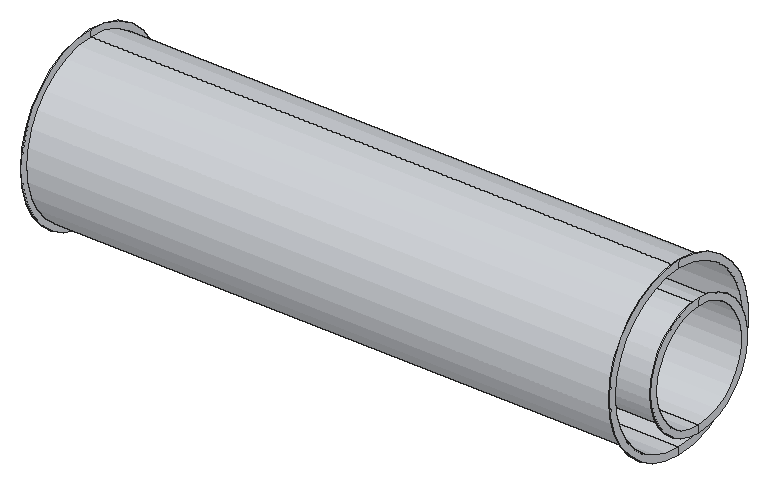
Revit family
Parameters (values of type "DW0845DWLTTP-2")
  WALLTHICK = 9/256"  # constant formula
  OFFSET2 = 2"
  OFFSET = 1 1/2"  # constant formula
  Model = "DW0845DWLTTP-2"
  Manufacturer = "CaptiveAire"
  FLANGETHICK = 1/16"
  FLANGERAD = DUCTINSIDERAD + 1/2"  # 4 1/2"
  FLANGEDIA = FLANGERAD * 2  # 9"
  Description = "8\" x 45\" Double-Straight-Transition"
  DWFLANGERAD = DWDUCTINSIDERAD + 1/2"  # 6 1/2"
  DWDUCTRAD = DWDUCTINSIDERAD + WALLTHICK  # 6 9/256"
  DWDUCTINSIDERAD = DUCTINSIDERAD + OFFSET2  # 6"
  DUCTRAD = (DUCTDIA / 2)  # 4 9/256"
  DUCTINSIDERAD = 4"
  DUCTLENGTH/2 = DUCTLENGTH / 2  # 22 3/4"
  DUCTLENGTH = 45 1/2"
  DUCTDIA = (DUCTINSIDERAD + WALLTHICK) * 2  # 8 9/128"
Types (14): name | OFFSET2 | Model | FLANGERAD | FLANGEDIA | Description | DWFLANGERAD | DWDUCTRAD | DWDUCTINSIDERAD | DUCTRAD | DUCTINSIDERAD | DUCTDIA
  (no name) | 2" | "DW0845DWLTTP-2" | 4 1/2" | 9" | "8\" x 45\" Double-Straight-Transition" | 6 1/2" | 6 9/256" | 6" | 4 9/256" | 4" | 8 9/128"
  DW0845DWLTTP-3 | 3" | "DW0845DWLTTP-3" | 4 1/2" | 9" | "8\" x 45\" Double-Straight-Transition" | 7 1/2" | 7 9/256" | 7" | 4 9/256" | 4" | 8 9/128"
  DW0845DWLTTP-2 | 2" | "DW0845DWLTTP-2" | 4 1/2" | 9" | "8\" x 45\" Double-Straight-Transition" | 6 1/2" | 6 9/256" | 6" | 4 9/256" | 4" | 8 9/128"
  DW1045DWLTTP-3 | 3" | "DW1045DWLTTP-3" | 5 1/2" | 11" | "10\" x 45\" Double-Straight-Transition" | 8 1/2" | 8 9/256" | 8" | 5 9/256" | 5" | 10 9/128"
  DW1045DWLTTP-2 | 2" | "DW1045DWLTTP-2" | 5 1/2" | 11" | "10\" x 45\" Double-Straight-Transition" | 7 1/2" | 7 9/256" | 7" | 5 9/256" | 5" | 10 9/128"
  DW1245DWLTTP-3 | 3" | "DW1245DWLTTP-3" | 6 1/2" | 13" | "12\" x 45\" Double-Straight-Transition" | 9 1/2" | 9 9/256" | 9" | 6 9/256" | 6" | 12 9/128"
  DW1245DWLTTP-2 | 2" | "DW1245DWLTTP-2" | 6 1/2" | 13" | "12\" x 45\" Double-Straight-Transition" | 8 1/2" | 8 9/256" | 8" | 6 9/256" | 6" | 12 9/128"
  DW1445DWLTTP-3 | 3" | "DW1445DWLTTP-3" | 7 1/2" | 15" | "14\" x 45\" Double-Straight-Transition" | 10 1/2" | 10 9/256" | 10" | 7 9/256" | 7" | 14 9/128"
  DW1445DWLTTP-2 | 2" | "DW1445DWLTTP-2" | 7 1/2" | 15" | "14\" x 45\" Double-Straight-Transition" | 9 1/2" | 9 9/256" | 9" | 7 9/256" | 7" | 14 9/128"
  DW1645DWLTTP-2 | 2" | "DW1645DWLTTP-2" | 8 1/2" | 17" | "16\" x 45\" Double-Straight-Transition" | 10 1/2" | 10 9/256" | 10" | 8 9/256" | 8" | 16 9/128"
  DW1645DWLTTP-3 | 3" | "DW1645DWLTTP-3" | 8 1/2" | 17" | "16\" x 45\" Double-Straight-Transition" | 11 1/2" | 11 9/256" | 11" | 8 9/256" | 8" | 16 9/128"
  DW1845DWLTTP-3 | 3" | "DW1845DWLTTP-3" | 9 1/2" | 19" | "18\" x 45\" Double-Straight-Transition" | 12 1/2" | 12 9/256" | 12" | 9 9/256" | 9" | 18 9/128"
  DW2045DWLTTP-3 | 3" | "DW2045DWLTTP-3" | 10 1/2" | 21" | "20\" x 45\" Double-Straight-Transition" | 13 1/2" | 13 9/256" | 13" | 10 9/256" | 10" | 20 9/128"
  DW2445DWLTTP-3 | 3" | "DW2445DWLTTP-3" | 12 1/2" | 25" | "24\" x 45\" Double-Straight-Transition" | 15 1/2" | 15 9/256" | 15" | 12 9/256" | 12" | 24 9/128"
Reference planes (in)
  plane 1 "Center (Front/Back)": y = 0
  plane 2: z = 0
  plane 3 "Center (Left/Right)": x = -2.08434
  plane 4: x = -47.58434
  plane 5: z = 4.03516
  plane 6: z = -4.5
  plane 7: z = -4.03516
  plane 8: z = 4.5
  plane 9: z = 4
  plane 10: x = -2.14684
  plane 11: x = -47.52184
  plane 12: z = -4
  plane 13: x = -24.83434
  plane 14: z = 6
  plane 15: z = 6.5
  plane 16: z = 6.03516
  plane 17: x = -3.58434
  plane 18: x = -47.58434
  plane 19: x = -47.52184
  plane 20: x = -3.64684
Forms (in)
  Revolve 1, solid
    sketch origin (0, 0, 0) x (1, 0, 0) y (0, 0, 1)
      loop
        line (-47.58434, 4.5) -> (-47.58434, 4) -> (-2.08434, 4) -> (-2.08434, 4.5) -> (-2.14684, 4.5) -> (-2.14684, 4.03516) -> (-47.52184, 4.03516) -> (-47.52184, 4.5) -> (-47.58434, 4.5)
      axis (-2.08434, 0) -> (-47.58434, 0)
    angle from 0 to 360
  Revolve 2, solid
    sketch origin (0, 0, 0) x (1, 0, 0) y (0, 0, 1)
      loop
        line (-47.58434, 6.5) -> (-47.58434, 6) -> (-3.58434, 6) -> (-3.58434, 6.5) -> (-3.64684, 6.5) -> (-3.64684, 6.03516) -> (-47.52184, 6.03516) -> (-47.52184, 6.5) -> (-47.58434, 6.5)
      axis (-47.58434, 0) -> (-3.58434, 0)
    angle from 0 to 360
Dimensions and locks (in)
  "FLANGEDIA": plane 8 to plane 6
  "DUCTDIA": plane 7 to plane 5
  "WALLTHICK": plane 9 to plane 5
  "WALLTHICK": plane 12 to plane 7
  "FLANGETHICK": plane 11 to plane 4
  equal spacing: plane 5, level, plane 7
  equal spacing: plane 8, level, plane 6
  "FLANGETHICK": plane 3 "Center (Left/Right)" to plane 10
  "DUCTLENGTH": plane 3 "Center (Left/Right)" to plane 4
  "DUCTLENGTH/2": plane 3 "Center (Left/Right)" to plane 13
  "OFFSET": plane 3 "Center (Left/Right)" to plane 17
  locked: plane 4 to plane 18
  "DWDUCTINSIDERAD": plane 14 to level
  "DWDUCTRAD": plane 16 to level
  "DWFLANGERAD": plane 15 to level
  "FLANGETHICK": plane 18 to plane 19
  "FLANGETHICK": plane 17 to plane 20
  aligned and locked: level to Revolve 1 sketch curve
  aligned and locked: Revolve 1 sketch curve to plane 9
  aligned and locked: Revolve 1 sketch curve to plane 5
  aligned and locked: plane 3 "Center (Left/Right)" to Revolve 1 sketch curve
  aligned and locked: plane 10 to Revolve 1 sketch curve
  aligned and locked: Revolve 1 sketch curve to plane 8
  aligned and locked: plane 4 to Revolve 1 sketch curve
  aligned and locked: plane 11 to Revolve 1 sketch curve
  aligned and locked: plane 8 to Revolve 1 sketch curve
  aligned and locked: plane 17 to Revolve 2 sketch curve
  aligned and locked: plane 20 to Revolve 2 sketch curve
  aligned and locked: Revolve 2 sketch curve to plane 14
  aligned and locked: plane 16 to Revolve 2 sketch curve
  aligned and locked: Revolve 2 sketch curve to plane 15  (x2)
  aligned and locked: plane 18 to Revolve 2 sketch curve
  aligned and locked: plane 19 to Revolve 2 sketch curve
  aligned and locked: Revolve 2 sketch curve to level
Automatic sketch dimensions
  plane 11 to Revolve 1 sketch curve = 11.22791"
  plane 13 to Revolve 1 sketch curve = 8.70959"
  plane 13 to Revolve 2 sketch curve = 9 3/16"
  Revolve 2 sketch curve to Revolve 2 sketch curve = 4"
